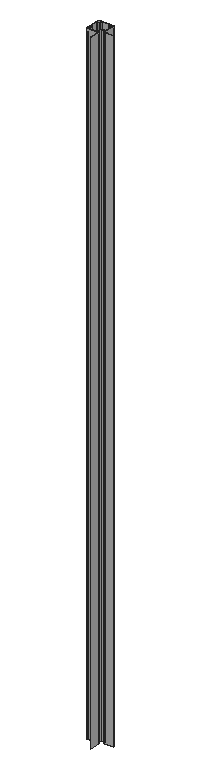
Revit family "Steni - Corner - Profile CP 15-25-40", category Generic Models, Revit 2014
Parameters (values of type "Anodized 15µ")
  URL = "http://bimobject.com/steni/product/steniprofiles_corner"
  Product family = "Steni Profiles"
  Model = "CP 15-25-40"
  Material main = Steni Aluminium Profile Anodized
  Manufacturer = "www.steni.com"
  Height [instance] = 1000 mm
  Description = "Aluminium profile for Steni facade systems"
Types (3, lengths in mm): name | Material main
  Anodized 15µ | Steni Aluminium Profile Anodized
  S 0502 Y White | Steni Aluminium Profile White S0502-Y
  RAL 9005 Black | Steni Aluminium Profile Black RAL9005
Reference planes
  plane 1 "Center (Front/Back)": y = 0
  plane 2: z = 0
  plane 3 "Center (Left/Right)": x = 0
Forms (mm)
  Extrusion 1, solid, material "Steni Aluminium Profile Anodized" <- "Material main"
    sketch origin (112.614, 128.552, 0) x (1, 0, 0) y (0, 1, 0)
      loop
        line (-93.331, -128.357) -> (-93.331, -127.357) -> (-107.514, -127.357)
        arc (-107.514, -127.357) -> (-107.868, -127.21) -> (-108.014, -126.857) r 0.5
        line (-108.014, -126.857) -> (-108.014, -109.733)
        arc (-108.014, -109.733) -> (-108.447, -108.689) -> (-109.491, -108.257) r 1.477
        line (-109.491, -108.257) -> (-131.351, -108.257)
        arc (-131.351, -108.257) -> (-132.386, -108.685) -> (-132.814, -109.72) r 1.463
        line (-132.814, -109.72) -> (-132.814, -131.662)
        arc (-132.814, -131.662) -> (-132.376, -132.719) -> (-131.32, -133.157) r 1.495
        line (-131.32, -133.157) -> (-114.314, -133.157)
        arc (-114.314, -133.157) -> (-113.96, -133.303) -> (-113.814, -133.657) r 0.5
        line (-113.814, -133.657) -> (-113.814, -148.157) -> (-112.814, -148.157) -> (-112.814, -133.631)
        arc (-112.814, -133.631) -> (-113.246, -132.588) -> (-114.288, -132.157) r 1.474
        line (-114.288, -132.157) -> (-115.275, -132.157)
        arc (-115.275, -132.157) -> (-115.656, -131.999) -> (-115.814, -131.618) r 0.539
        line (-115.814, -131.618) -> (-115.814, -125.857)
        arc (-115.814, -125.857) -> (-115.668, -125.503) -> (-115.314, -125.357) r 0.5
        line (-115.314, -125.357) -> (-109.511, -125.357)
        arc (-109.511, -125.357) -> (-109.16, -125.502) -> (-109.014, -125.854) r 0.497
        line (-109.014, -125.854) -> (-109.014, -126.838)
        arc (-109.014, -126.838) -> (-108.569, -127.912) -> (-107.496, -128.357) r 1.518
        line (-107.496, -128.357) -> (-93.331, -128.357)
      loop
        line (-131.814, -113.635) -> (-131.814, -127.788)
        arc (-131.814, -127.788) -> (-130.576, -127.152) -> (-129.184, -127.121) r 3.1
        arc (-129.184, -127.121) -> (-128.757, -127.772) -> (-129.408, -128.198) r 0.55
        arc (-129.408, -128.198) -> (-131.228, -131.571) -> (-127.856, -129.75) r 2
        arc (-127.856, -129.75) -> (-127.429, -129.1) -> (-126.779, -129.527) r 0.55
        arc (-126.779, -129.527) -> (-126.809, -130.919) -> (-127.446, -132.157) r 3.1
        line (-127.446, -132.157) -> (-117.314, -132.157)
        arc (-117.314, -132.157) -> (-116.96, -132.01) -> (-116.814, -131.657) r 0.5
        line (-116.814, -131.657) -> (-116.814, -125.87)
        arc (-116.814, -125.87) -> (-116.371, -124.8) -> (-115.301, -124.357) r 1.513
        line (-115.301, -124.357) -> (-109.514, -124.357)
        arc (-109.514, -124.357) -> (-109.16, -124.21) -> (-109.014, -123.857) r 0.5
        line (-109.014, -123.857) -> (-109.014, -113.635)
        arc (-109.014, -113.635) -> (-110.265, -114.275) -> (-111.662, -114.26) r 3.1
        arc (-111.662, -114.26) -> (-112.095, -113.696) -> (-111.61, -113.176) r 0.55
        arc (-111.61, -113.176) -> (-109.521, -109.936) -> (-112.984, -111.641) r 2
        arc (-112.984, -111.641) -> (-113.381, -112.274) -> (-114.043, -111.926) r 0.55
        arc (-114.043, -111.926) -> (-114.021, -110.513) -> (-113.374, -109.257) r 3.1
        line (-113.374, -109.257) -> (-127.454, -109.257)
        arc (-127.454, -109.257) -> (-126.817, -110.475) -> (-126.777, -111.847) r 3.1
        arc (-126.777, -111.847) -> (-127.379, -112.29) -> (-127.867, -111.723) r 0.55
        arc (-127.867, -111.723) -> (-131.277, -109.903) -> (-129.222, -113.177) r 2
        arc (-129.222, -113.177) -> (-128.746, -113.702) -> (-129.174, -114.3) r 0.55
        arc (-129.174, -114.3) -> (-130.571, -114.273) -> (-131.814, -113.635) r 3.1
    from 0 to 1000
Dimensions and locks
  "Height": Extrusion 1 to Extrusion 1
  aligned and locked: level to plane 2
Automatic sketch dimensions
  Extrusion 1 sketch curve to Extrusion 1 sketch curve = 0 mm  (x14)
  Extrusion 1 sketch curve to plane 3 "Center (Left/Right)" = 20.2 mm
  Extrusion 1 sketch curve to Extrusion 1 sketch curve = 1 mm  (x3)
  Extrusion 1 sketch curve to Extrusion 1 sketch curve = 1.463 mm
  Extrusion 1 sketch curve to Extrusion 1 sketch curve = 1.495 mm
  Extrusion 1 sketch curve to Extrusion 1 sketch curve = 1.537 mm
  Extrusion 1 sketch curve to Extrusion 1 sketch curve = 1.505 mm  (x2)
  Extrusion 1 sketch curve to Extrusion 1 sketch curve = 0.518 mm
  Extrusion 1 sketch curve to plane 1 "Center (Front/Back)" = 0.892 mm
  Extrusion 1 sketch curve to Extrusion 1 sketch curve = 2.518 mm
  Extrusion 1 sketch curve to Extrusion 1 sketch curve = 2.36 mm
  Extrusion 1 sketch curve to Extrusion 1 sketch curve = 2.369 mm
  plane 1 "Center (Front/Back)" to Extrusion 1 sketch curve = 1.086 mm
  Extrusion 1 sketch curve to Extrusion 1 sketch curve = 0.128 mm
  Extrusion 1 sketch curve to Extrusion 1 sketch curve = 0.137 mm
  Extrusion 1 sketch curve to plane 3 "Center (Left/Right)" = 4.7 mm
  Extrusion 1 sketch curve to plane 3 "Center (Left/Right)" = 4.2 mm
  Extrusion 1 sketch curve to Extrusion 1 sketch curve = 0.5 mm  (x2)
  Extrusion 1 sketch curve to Extrusion 1 sketch curve = 0.013 mm  (x2)
  Extrusion 1 sketch curve to Extrusion 1 sketch curve = 0.539 mm  (x2)
  Extrusion 1 sketch curve to Extrusion 1 sketch curve = 0.961 mm
  Extrusion 1 sketch curve to Extrusion 1 sketch curve = 0.987 mm
  Extrusion 1 sketch curve to plane 3 "Center (Left/Right)" = 0.91 mm
  Extrusion 1 sketch curve to plane 3 "Center (Left/Right)" = 0.76 mm
  plane 3 "Center (Left/Right)" to Extrusion 1 sketch curve = 1.068 mm
  plane 3 "Center (Left/Right)" to Extrusion 1 sketch curve = 1.6 mm
  plane 3 "Center (Left/Right)" to Extrusion 1 sketch curve = 3.1 mm
  Extrusion 1 sketch curve to Extrusion 1 sketch curve = 0.003 mm
  plane 3 "Center (Left/Right)" to Extrusion 1 sketch curve = 3.123 mm
  Extrusion 1 sketch curve to Extrusion 1 sketch curve = 0.497 mm
  Extrusion 1 sketch curve to Extrusion 1 sketch curve = 2.532 mm
  Extrusion 1 sketch curve to plane 1 "Center (Front/Back)" = 0.195 mm
  Extrusion 1 sketch curve to Extrusion 1 sketch curve = 0.018 mm  (x2)
  plane 1 "Center (Front/Back)" to Extrusion 1 sketch curve = 1.605 mm
  plane 1 "Center (Front/Back)" to Extrusion 1 sketch curve = 3.065 mm
  Extrusion 1 sketch curve to Extrusion 1 sketch curve = 14.526 mm
  Extrusion 1 sketch curve to plane 1 "Center (Front/Back)" = 0.764 mm
  Extrusion 1 sketch curve to plane 1 "Center (Front/Back)" = 2.682 mm
  Extrusion 1 sketch curve to Extrusion 1 sketch curve = 13.399 mm
  Extrusion 1 sketch curve to Extrusion 1 sketch curve = 10.135 mm
  Extrusion 1 sketch curve to Extrusion 1 sketch curve = 0.087 mm  (x2)
  Extrusion 1 sketch curve to Extrusion 1 sketch curve = 1.979 mm  (x2)
  Extrusion 1 sketch curve to Extrusion 1 sketch curve = 2.455 mm  (x2)
  Extrusion 1 sketch curve to Extrusion 1 sketch curve = 1.533 mm
  Extrusion 1 sketch curve to Extrusion 1 sketch curve = 2.487 mm
  Extrusion 1 sketch curve to plane 1 "Center (Front/Back)" = 0.354 mm
  Extrusion 1 sketch curve to Extrusion 1 sketch curve = 0.074 mm
  Extrusion 1 sketch curve to Extrusion 1 sketch curve = 0.114 mm
  Extrusion 1 sketch curve to Extrusion 1 sketch curve = 0.008 mm  (x3)
  Extrusion 1 sketch curve to Extrusion 1 sketch curve = 0.55 mm
  Extrusion 1 sketch curve to Extrusion 1 sketch curve = 0.54 mm
  Extrusion 1 sketch curve to Extrusion 1 sketch curve = 0.519 mm
  Extrusion 1 sketch curve to plane 3 "Center (Left/Right)" = 0.37 mm
  Extrusion 1 sketch curve to Extrusion 1 sketch curve = 0.005 mm
  Extrusion 1 sketch curve to Extrusion 1 sketch curve = 0.124 mm
  Extrusion 1 sketch curve to Extrusion 1 sketch curve = 0.064 mm
  Extrusion 1 sketch curve to Extrusion 1 sketch curve = 0.04 mm
  Extrusion 1 sketch curve to Extrusion 1 sketch curve = 0.037 mm
  Extrusion 1 sketch curve to Extrusion 1 sketch curve = 14.165 mm
  Extrusion 1 sketch curve to plane 3 "Center (Left/Right)" = 1.2 mm
  Extrusion 1 sketch curve to plane 3 "Center (Left/Right)" = 0.2 mm
